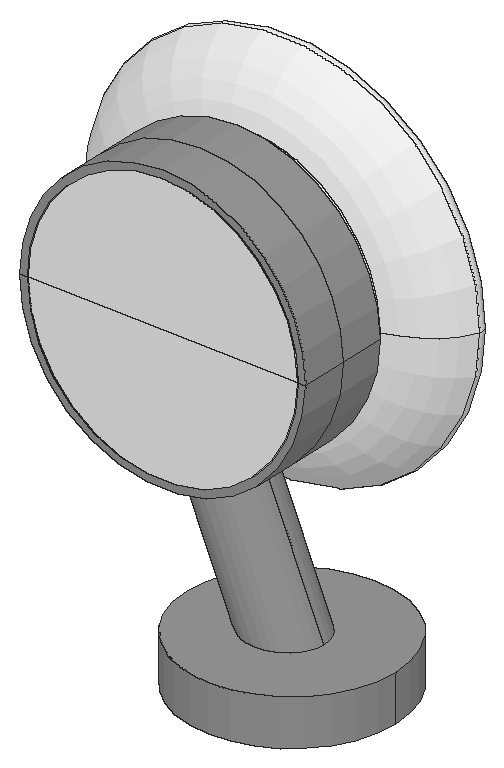
Revit family "ABEND Jabonera BC2025900", category Generic Models, host Face, Revit 2014
Parameters
  MODELO = "ABEND"
  MARCA = "WASSER"
  EMPRESA = "CHC COMERCIAL HISPANO CHILENA"
  Default Elevation = 1219.2 mm
  DIMENSIONES = ""
  CÓDIGO = "BC2025900"
  ACCESORIO = "JABONERA"
Reference planes
  plane 1 "Center (Front/Back)": y = 0
  plane 2: z = 0
  plane 3 "Center (Left/Right)": x = 0
  plane 4: y = -88
  plane 5: y = 32
  plane 6: x = 22.577
  plane 7: y = 139
  plane 8: y = -8
  plane 9: z = 150
  plane 10: z = 35
  plane 11: x = -19.923
  plane 12: y = 237
  plane 13: z = 40
  plane 14: x = -62.423
  plane 15: x = -19.923
Forms (mm)
  Extrusion 1, solid, material "Steel, Polished"
    sketch origin (0, 0, 0) x (1, 0, 0) y (0, 1, 0)
      loop
        circle (0, 0) r 22.5
    from 0 to 10
  Sweep 2, solid, material "Steel, Polished"
    path origin (0, 0, 0) x (1, 0, 0) y (0, 0, 1)
      loop
        line (0, 5.84) -> (-14.5, 40)
    profile origin (-7.25, 0, 22.92) x (-0.920505, 0, -0.390731) y (0, -1, 0)
      loop
        circle (0, 0) r 8
  Revolve 3, solid, material "Steel, Polished"
    sketch origin (-37.488, 0, 65.843) x (1, 0, 0) y (0, 1, 0)
      loop
        line (-11.65, 10) -> (-13.279, 10) -> (-13.279, 0) -> (-13.279, -10) -> (-11.65, -10) -> (-11.65, 10)
      axis (17.565, 10) -> (17.565, -10)
    angle from 0 to 360
  Revolve 4, solid, material "Porcelain, Linen"
    sketch origin (0, 0, 65.843) x (1, 0, 0) y (0, 1, 0)
      loop
        line (-49.138, -10) -> (-19.923, -10) -> (-19.923, 12.402)
        arc (-19.923, 12.402) -> (-40.66, 15.129) -> (-59.702, 23.78) r 71.003
        arc (-59.702, 23.78) -> (-61.694, 24.51) -> (-62.423, 22.518) r 1.5
        arc (-62.423, 22.518) -> (-57.032, 15.726) -> (-49.138, 12.138) r 18.495
        line (-49.138, 12.138) -> (-49.138, -10)
      axis (-19.923, 23.78) -> (-19.923, -10)
    angle from 0 to 360
Dimensions and locks
  aligned and locked: plane 2 to host face
  aligned and locked: level to host face
